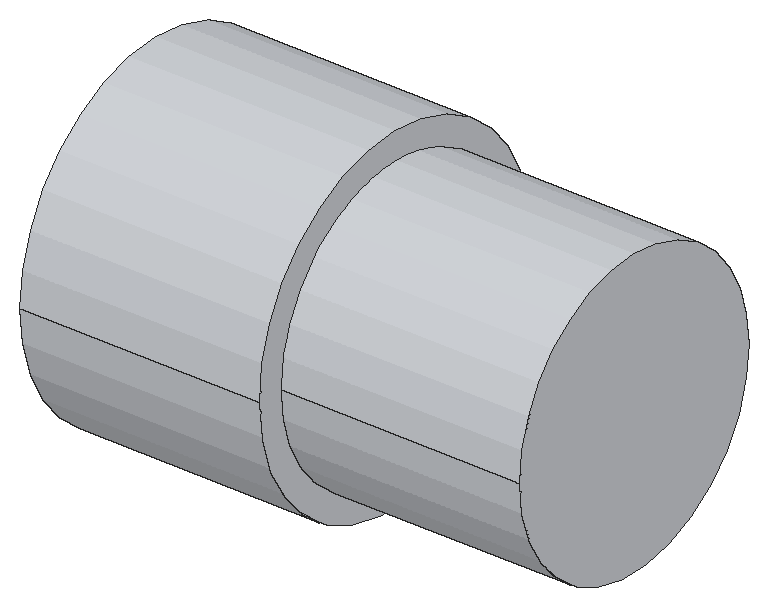
Revit family "Transição da união - CPVC - HW", category Conexões de tubo, Revit 2019
Family settings
  Cota do conector redondo = Usar raio
  Tipo de parte = Transição
  Com base no plano de trabalho = Não
  Sempre na vertical = Sim
  Corte com vazios quando carregada = Não
  Compartilhado = Não
Parameters (values of type "Padrão")
  Visibilidade 3 [instance] = Diâmetro nominal 1 < Diâmetro nominal 2  # no
  Visibilidade 2 [instance] = Diâmetro nominal 1 > Diâmetro nominal 2  # yes
  Visibilidade 1 [instance] = Diâmetro nominal 1 = Diâmetro nominal 2  # no
  built-in parameter 1114242 [instance] = (empty or 0)
  Tamanho da marca de cota 2 [instance] = Diâmetro externo da conexão 2 * 0.4  # 9.80 mm
  Tamanho da marca de cota 1 [instance] = Diâmetro externo da conexão 1 * 0.4  # 11.60 mm
  Raio nominal 2 [instance] = 10.00 mm
  Diâmetro nominal 2 [instance] = Raio nominal 2 * 2  # 20.00 mm
  Model = ""
  Diâmetro nominal máx. [instance] = if(Diâmetro nominal 1 > Diâmetro nominal 2, Diâmetro nominal 1, Diâmetro nominal 2)  # 25.00 mm
  Manufacturer = ""
  Nome da tabela de pesquisa = "BR_Coupling Transition - CPVC - HW"
  Meio comprimento [instance] = Comprimento / 2  # 20.50 mm
  Raio externo da conexão 2 [instance] = Diâmetro externo da conexão 2 / 2  # 12.25 mm
  Raio externo da conexão 1 [instance] = Diâmetro externo da conexão 1 / 2  # 14.50 mm
  Diâmetro externo da conexão 2 [instance] = size_lookup(Nome da tabela de pesquisa, "FOD", 1.064 * Diâmetro nominal 2 + 2.80 mm, Diâmetro nominal 2)  # 24.50 mm
  Diâmetro externo da conexão 1 [instance] = size_lookup(Nome da tabela de pesquisa, "FOD", 1.064 * Diâmetro nominal 1 + 2.80 mm, Diâmetro nominal 1)  # 29.00 mm
  Comprimento [instance] = size_lookup(Nome da tabela de pesquisa, "Lgt", 0.9274 * Diâmetro nominal máx. + 22.14 mm, Diâmetro nominal 1, Diâmetro nominal 2)  # 41.00 mm
  Raio nominal 1 [instance] = 12.50 mm
  Diâmetro nominal 1 [instance] = Raio nominal 1 * 2  # 25.00 mm
  Método de perda = Coeficiente K da tabela
  Tabela de coeficiente K = "Transição de contração/alargamento"
  Description = ""
Reference planes
  plane 1 "Centro (Frente/Trás)": y = 0
  plane 2: z = 0
  plane 3 "Centro (Esquerda/Direita)": x = 0
  plane 4: y = 11.6
  plane 5: y = -11.6
  plane 6: x = 20.5
  plane 7: y = 9.8
  plane 8: y = -9.8
Forms (mm)
  Sweep 1, solid, detail levels fine
    path origin (0, 0, 0) x (1, 0, 0) y (0, 1, 0)
      loop
        line (0, 0) -> (20.5, 0)
    profile origin (10.25, 0, 0) x (0, 1, 0) y (0, 0, 1)
      loop
        circle (0, 0) r 14.5
  Sweep 2, solid, detail levels fine
    path origin (0, 0, 0) x (1, 0, 0) y (0, 1, 0)
      loop
        line (20.5, 0) -> (41, 0)
    profile origin (30.75, 0, 0) x (0, 1, 0) y (0, 0, 1)
      loop
        circle (0, 0) r 12.25
Cuts and joins
  joined: Sweep 1, Sweep 2
Lines and regions (mm)
  reference lines
    curve 1: line (0, 0, 0) -> (41, 0, 0)
  model lines, detail levels coarse+medium
    curve 2: line (41, 9.8, 0) -> (41, -9.8, 0)
    curve 3: line (0, 15.893, 0) -> (0, -15.893, 0)
  model lines, visible <- "Visibilidade 1", detail levels coarse+medium
    curve 4: line (0, 0, 0) -> (41, 0, 0)
  model lines, visible <- "Visibilidade 2", detail levels coarse+medium
    curve 5: line (0, 15.893, 0) -> (41, 0, 0)
    curve 6: line (0, -15.893, 0) -> (41, 0, 0)
  model lines, visible <- "Visibilidade 3", detail levels coarse+medium
    curve 7: line (41, 9.8, 0) -> (0, 0, 0)
    curve 8: line (41, -9.8, 0) -> (0, 0, 0)
Dimensions and locks
  "Tamanho da marca de cota 1": plane 1 "Centro (Frente/Trás)" to plane 4
  equal spacing: plane 5, plane 1 "Centro (Frente/Trás)", plane 4
  equal spacing: plane 8, plane 1 "Centro (Frente/Trás)", plane 7
  "Tamanho da marca de cota 2": plane 1 "Centro (Frente/Trás)" to plane 7
  "Meio comprimento": plane 3 "Centro (Esquerda/Direita)" to plane 6
  "Comprimento": plane 3 "Centro (Esquerda/Direita)" to curve 1
  "Raio externo da conexão 1": radius of Sweep 1 sketch curve
  "Raio externo da conexão 2": radius of Sweep 2 sketch curve
  aligned and locked: plane 7 to curve 2
  aligned and locked: plane 8 to curve 2
  aligned and locked: curve 2 to curve 1
  aligned and locked: curve 2 to Sweep 2 sketch curve
  aligned and locked: curve 3 to curve 4
  aligned and locked: curve 2 to curve 4
  aligned and locked: curve 3 to plane 3 "Centro (Esquerda/Direita)"
  aligned and locked: plane 6 to Sweep 2 sketch curve
  aligned and locked: plane 6 to Sweep 1 sketch curve
Automatic sketch dimensions
  Sweep 1 sketch curve to level = 0.00 mm
  Sweep 1 sketch curve to profile plane = 0.00 mm
  plane 1 "Centro (Frente/Trás)" to Sweep 1 sketch curve = 0.00 mm
  Sweep 1 sketch curve to plane 3 "Centro (Esquerda/Direita)" = 0.00 mm
  Sweep 2 sketch curve to level = 0.00 mm
  Sweep 2 sketch curve to profile plane = 0.00 mm
  plane 1 "Centro (Frente/Trás)" to curve 1 = 0.00 mm
  curve 1 to plane 3 "Centro (Esquerda/Direita)" = 0.00 mm
  plane 1 "Centro (Frente/Trás)" to Sweep 2 sketch curve = 0.00 mm
  plane 1 "Centro (Frente/Trás)" to curve 8 = 0.00 mm
  plane 1 "Centro (Frente/Trás)" to curve 4 = 0.00 mm
  plane 5 to curve 6 = 4.293 mm
  plane 4 to curve 3 = 4.293 mm
Connectors
  piping at (0, 0, 0), diameter 25, driven by "Raio nominal 1"
    settings: on cut or joined group of Sweep 1, Sweep 2, index 1, connector inside diameter 25.00 mm, connector length 0.00 mm, flow factor 0, pipe flow 0.0 L/s, pressure drop 0.0 Pa, fitting loss kfactor 0, connector angle 0.00°, fixture units 0, engagement length 0.00 mm, angle of deflection 0.00°, flow configuration 0, flow direction 0, fitting loss method 0, system type 28, joint type 0, gender type 0, connector reference index 2, connector utility 0, adjustable connector no, is connector primary yes, connector description ""
  piping at (41, 0, 0), diameter 20, driven by "Raio nominal 2"
    settings: on cut or joined group of Sweep 1, Sweep 2, index 2, connector inside diameter 20.00 mm, connector length 0.00 mm, flow factor 0, pipe flow 0.0 L/s, pressure drop 0.0 Pa, fitting loss kfactor 0, connector angle 0.00°, fixture units 0, engagement length 0.00 mm, angle of deflection 0.00°, flow configuration 0, flow direction 0, fitting loss method 0, system type 28, joint type 0, gender type 0, connector reference index 1, connector utility 0, adjustable connector no, is connector primary no, connector description ""
